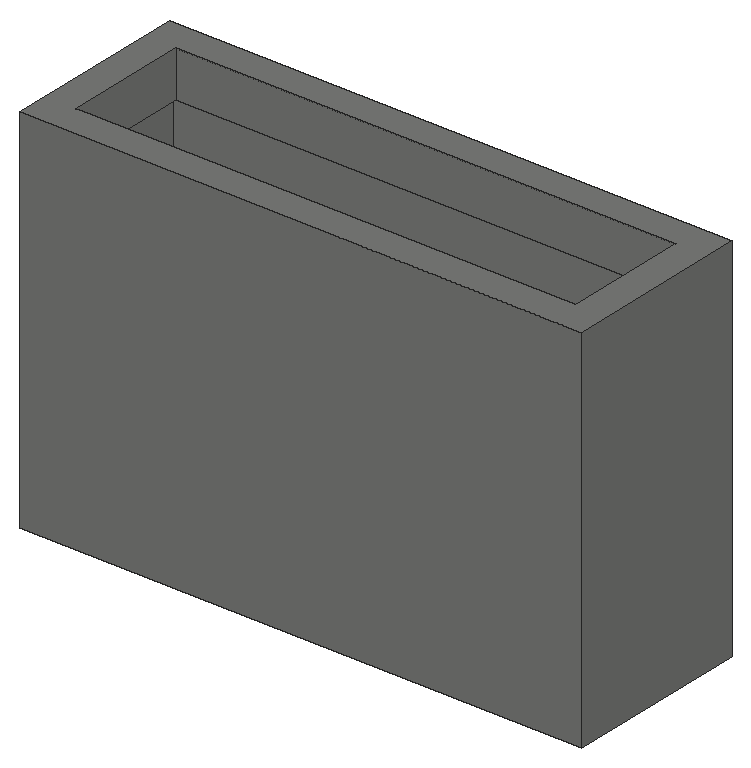
Revit family "Specialty_Equipment-Planter-Planters_Unlimited-Modern-Rectangular-bk10", category Specialty Equipment, Revit 2021
Family settings
  Round Connector Dimension = Use Diameter
  Part Type = Normal
  OmniClass Number = 23.40.05.21.17
  OmniClass Title = Planters
  Work Plane-Based = No
  Always vertical = Yes
  Cut with Voids When Loaded = No
  Shared = No
  Room Calculation Point = No
Parameters (values of type "Rectangular")
  URL = "https://www.plantersunlimited.com"
  Type Comments = "Rectangular/Square Planter"  # constant formula
  Model = "Modern Series Planters"  # constant formula
  Manufacturer = "Planters Unlimited"  # constant formula
  Description = "Modular Planting Bed"  # constant formula
  Default Elevation = 0' - 0"
  CD_Width Min = 1' - 0"  # constant formula
  CD_Width Max = 3' - 6"  # constant formula
  CD_Width = if(CD_Requested Width < CD_Width Min, CD_Width Min, if(CD_Requested Width > CD_Width Max, CD_Width Max, CD_Requested Width))  # 1' - 0"
  CD_Specification = "https://www.plantersunlimited.com/content/2024-07-10-fg-pu-guide-specifications.pdf"
  CD_Requested Width = 1' - 0"
  CD_Requested Length = 3' - 0"
  CD_Requested Height = 2' - 0"
  CD_Product Page URL = "https://www.plantersunlimited.com/modern-rectangle-planters/"
  CD_Product Name [instance] = "Modern Planter"  # constant formula
  CD_Offset = 0' - 0"
  CD_Microsite = "https://www.caddetails.com/3404"
  CD_Length Min = 2' - 6"  # constant formula
  CD_Length Max = 10' - 0"  # constant formula
  CD_Length = if(CD_Requested Length < CD_Length Min, CD_Length Min, if(CD_Requested Length > CD_Length Max, CD_Length Max, CD_Requested Length))  # 3' - 0"
  CD_Center Divider = if(CD_Length > 4' 2", 1 = 1, 1 = 0)  # no
  CD_Height Min = 1' - 6"  # constant formula
  CD_Height Max = 4' - 0"  # constant formula
  CD_Height = if(CD_Requested Height < CD_Height Min, CD_Height Min, if(CD_Requested Height > CD_Height Max, CD_Height Max, CD_Requested Height))  # 2' - 0"
  CD_Finish = Plastic-Fiberglass-Carlsbad-Semi_Gloss-Charcoal
  CD_Created By = "CADdetails LTD. 2024"  # constant formula
  Assembly Code = "G2050600"
Reference planes (in)
  plane 1 "Center (Front/Back)": y = 0
  plane 2: z = 0
  plane 3 "Center (Left/Right)": x = 0
  plane 4 "Left": x = 18
  plane 5 "Right": x = -18
  plane 6 "Front": y = 6
  plane 7 "Back": y = -6
  plane 8 "Top": z = 24
  plane 9 "Bottom of Bin": z = 0
  plane 10 "Back Panel": y = -4
  plane 11 "Front Panel": y = 4
  plane 12 "Right Panel": x = -16
  plane 13 "Left Panel": x = 16
  plane 14 "Bottom of Planter": z = 0
  plane 15 "Bottom of Bed": z = 2
  plane 16 "Lower Stiffner": z = 8
  plane 17 "Upper Stiffner": z = 16
Forms (in)
  Extrusion 1, solid, material "Plastic-Fiberglass-Carlsbad-Semi_Gloss-Charcoal" <- "CD_Finish"
    sketch origin (0, 0, 24) x (-1, 0, 0) y (0, -1, 0)
      loop
        line (18, -6) -> (18, 6) -> (-18, 6) -> (-18, -6) -> (18, -6)
      loop
        line (17, -5) -> (17, 5) -> (-17, 5) -> (-17, -5) -> (17, -5)
    from -22 to -3
  Extrusion 2, solid, material "Plastic-Fiberglass-Carlsbad-Semi_Gloss-Charcoal" <- "CD_Finish", detail levels fine
    sketch origin (0, 0, 17.75) x (-1, 0, 0) y (0, -1, 0)
      loop
        line (17.5, -5.5) -> (17.5, 5.5) -> (-17.5, 5.5) -> (-17.5, -5.5) -> (17.5, -5.5)
      loop
        line (16.5, -4.5) -> (16.5, 4.5) -> (-16.5, 4.5) -> (-16.5, -4.5) -> (16.5, -4.5)
    from -1.875 to -1.75
  Extrusion 3, solid, material "Plastic-Fiberglass-Carlsbad-Semi_Gloss-Charcoal" <- "CD_Finish", visible <- "CD_Center Divider", detail levels fine
    sketch origin (0, 0, 24) x (-1, 0, 0) y (0, -1, 0)
      loop
        line (0.0625, -4) -> (0.0625, 4) -> (-0.0625, 4) -> (-0.0625, -4) -> (0.0625, -4)
    from -16 to -8
  Extrusion 4, solid, material "Plastic-Fiberglass-Carlsbad-Semi_Gloss-Charcoal" <- "CD_Finish"
    sketch origin (0, 0, 24) x (-1, 0, 0) y (0, -1, 0)
      loop
        line (18, -6) -> (18, 6) -> (-18, 6) -> (-18, -6) -> (18, -6)
      loop
        line (16, -4) -> (16, 4) -> (-16, 4) -> (-16, -4) -> (16, -4)
    from -3 to 0
  Extrusion 5, solid, material "Plastic-Fiberglass-Carlsbad-Semi_Gloss-Charcoal" <- "CD_Finish", detail levels fine
    sketch origin (0, 0, 18) x (-1, 0, 0) y (0, -1, 0)
      loop
        line (17.5, -5.5) -> (17.5, 5.5) -> (-17.5, 5.5) -> (-17.5, -5.5) -> (17.5, -5.5)
      loop
        line (16.5, 4.5) -> (-16.5, 4.5) -> (-16.5, -4.5) -> (16.5, -4.5) -> (16.5, 4.5)
    from -10.125 to -10
  Extrusion 6, solid, material "Plastic-Fiberglass-Carlsbad-Semi_Gloss-Charcoal" <- "CD_Finish"
    sketch origin (-0.75, 0, 24) x (-1, 0, 0) y (0, -1, 0)
      loop
        line (17.25, -6) -> (17.25, 6) -> (-18.75, 6) -> (-18.75, -6) -> (17.25, -6)
    from -23.875 to -22
  Extrusion 7, solid, material "Plastic-Fiberglass-Carlsbad-Semi_Gloss-Charcoal" <- "CD_Finish", detail levels medium+fine
    sketch origin (0, 0, 24) x (-1, 0, 0) y (0, -1, 0)
      loop
        line (17, -5) -> (17, -2) -> (14, -2) -> (14, -5) -> (17, -5)
      loop
        line (17, 5) -> (14, 5) -> (14, 2) -> (17, 2) -> (17, 5)
      loop
        line (-17, -5) -> (-14, -5) -> (-14, -2) -> (-17, -2) -> (-17, -5)
      loop
        line (-17, 5) -> (-17, 2) -> (-14, 2) -> (-14, 5) -> (-17, 5)
      loop
        line (1.5, -5) -> (1.5, -2) -> (-1.5, -2) -> (-1.5, -5) -> (1.5, -5)
      loop
        line (1.5, 5) -> (-1.5, 5) -> (-1.5, 2) -> (1.5, 2) -> (1.5, 5)
    from -24 to -23.875
Cuts and joins
  joined: Extrusion 1, Extrusion 4, Extrusion 6
Dimensions and locks (in)
  "CD_Width": plane 6 "Front" to plane 7 "Back"
  equal spacing: plane 6 "Front", plane 1 "Center (Front/Back)", plane 7 "Back"
  equal spacing: plane 5 "Right", plane 3 "Center (Left/Right)", plane 4 "Left"
  "CD_Length": plane 5 "Right" to plane 4 "Left"
  locked: plane 9 "Bottom of Bin" to level
  "CD_Height": plane 8 "Top" to plane 14 "Bottom of Planter"
  locked: plane 5 "Right" to plane 12 "Right Panel" at 2
  locked: plane 13 "Left Panel" to plane 4 "Left" at 2
  locked: plane 10 "Back Panel" to plane 7 "Back" at 2
  locked: plane 6 "Front" to plane 11 "Front Panel" at 2
  locked: plane 15 "Bottom of Bed" to plane 14 "Bottom of Planter" at 2
  "CD_Offset": plane 14 "Bottom of Planter" to level
  equal spacing: plane 8 "Top", plane 17 "Upper Stiffner", plane 16 "Lower Stiffner", plane 14 "Bottom of Planter"
  locked: plane 17 "Upper Stiffner" to Extrusion 2 at 0.125
  Extrusion 3 sketch curve to plane 3 "Center (Left/Right)" to Extrusion 3 sketch curve = 0' - 0 1/16" locked, 0' - 0 1/16" locked
  locked: plane 17 "Upper Stiffner" to Extrusion 3
  locked: Extrusion 3 to plane 16 "Lower Stiffner"
  locked: plane 8 "Top" to Extrusion 4 at 3
  locked: plane 5 "Right" to Extrusion 2 sketch curve at 0.5
  Extrusion 2 sketch curve to plane 4 "Left" = 0' - 0 1/2"
  locked: plane 6 "Front" to Extrusion 2 sketch curve at 0.5
  locked: Extrusion 2 sketch curve to plane 7 "Back" at 0.5
  locked: plane 16 "Lower Stiffner" to Extrusion 5 at 0.125
  locked: plane 5 "Right" to Extrusion 2 at 0.5
  locked: Extrusion 2 to plane 4 "Left" at 0.5
  locked: plane 6 "Front" to Extrusion 2 at 0.5
  Extrusion 2 to plane 7 "Back" = 0' - 0 1/2"
  locked: plane 10 "Back Panel" to Extrusion 1 sketch curve at 1
  locked: Extrusion 1 sketch curve to plane 11 "Front Panel" at 1
  locked: Extrusion 1 sketch curve to plane 12 "Right Panel" at 1
  locked: plane 13 "Left Panel" to Extrusion 1 sketch curve at 1
  locked: Extrusion 2 sketch curve to plane 12 "Right Panel" at 0.5
  locked: plane 13 "Left Panel" to Extrusion 2 sketch curve at 0.5
  locked: Extrusion 2 sketch curve to plane 11 "Front Panel" at 0.5
  plane 10 "Back Panel" to Extrusion 2 sketch curve = 0' - 0 1/2"
  locked: Extrusion 6 to plane 14 "Bottom of Planter" at 0.125
  plane 5 "Right" to Extrusion 7 sketch curve to Extrusion 7 sketch curve = 0' - 1" locked, 0' - 3" locked  (x2)
  plane 6 "Front" to Extrusion 7 sketch curve to Extrusion 7 sketch curve = 0' - 1" locked, 0' - 3" locked  (x3)
  Extrusion 7 sketch curve to Extrusion 7 sketch curve to plane 7 "Back" = 0' - 3" locked, 0' - 1" locked  (x3)
  Extrusion 7 sketch curve to plane 3 "Center (Left/Right)" to Extrusion 7 sketch curve = 0' - 1 1/2" locked, 0' - 1 1/2" locked  (x2)
  Extrusion 7 sketch curve to Extrusion 7 sketch curve to plane 4 "Left" = 0' - 3" locked, 0' - 1" locked  (x2)
  aligned and locked: plane 2 to level
  aligned and locked: Extrusion 1 sketch curve to plane 6 "Front"
  aligned and locked: Extrusion 1 sketch curve to plane 5 "Right"
  aligned and locked: plane 7 "Back" to Extrusion 1 sketch curve
  aligned and locked: plane 4 "Left" to Extrusion 1 sketch curve
  aligned and locked: plane 15 "Bottom of Bed" to Extrusion 1
  aligned and locked: plane 17 "Upper Stiffner" to Extrusion 2
  aligned and locked: Extrusion 3 sketch curve to plane 11 "Front Panel"
  aligned and locked: plane 10 "Back Panel" to Extrusion 3 sketch curve
  aligned and locked: Extrusion 4 to cut or joined group of Extrusion 1, Extrusion 4, Extrusion 6
  aligned and locked: plane 8 "Top" to Extrusion 4
  aligned and locked: plane 13 "Left Panel" to Extrusion 4 sketch curve
  aligned and locked: plane 10 "Back Panel" to Extrusion 4 sketch curve
  aligned and locked: plane 16 "Lower Stiffner" to Extrusion 5
  aligned and locked: Extrusion 2 to Extrusion 5 sketch curve  (x3)
  aligned and locked: Extrusion 5 sketch curve to Extrusion 2
  aligned and locked: Extrusion 6 to plane 15 "Bottom of Bed"
  aligned and locked: plane 5 "Right" to Extrusion 6
  aligned and locked: Extrusion 6 to plane 4 "Left"
  aligned and locked: Extrusion 7 to Extrusion 6
  aligned and locked: Extrusion 7 to plane 14 "Bottom of Planter"
Automatic sketch dimensions
  Extrusion 4 sketch curve to plane 11 "Front Panel" = 0' - 0"
  Extrusion 4 sketch curve to plane 12 "Right Panel" = 0' - 0"
  plane 4 "Left" to Extrusion 5 sketch curve = 0' - 0 1/2"
  Extrusion 5 sketch curve to plane 5 "Right" = 0' - 0 1/2"
  Extrusion 5 sketch curve to plane 6 "Front" = 0' - 0 1/2"
  plane 7 "Back" to Extrusion 5 sketch curve = 0' - 0 1/2"
  plane 4 "Left" to Extrusion 6 sketch curve = 0' - 0"
  plane 5 "Right" to Extrusion 6 sketch curve = 0' - 0"
  Extrusion 6 sketch curve to plane 6 "Front" = 0' - 0"
  Extrusion 6 sketch curve to plane 7 "Back" = 0' - 0"
  Extrusion 4 sketch curve to plane 4 "Left" = 0' - 0"
  Extrusion 4 sketch curve to plane 5 "Right" = 0' - 0"
  Extrusion 4 sketch curve to plane 6 "Front" = 0' - 0"
  Extrusion 4 sketch curve to plane 7 "Back" = 0' - 0"
